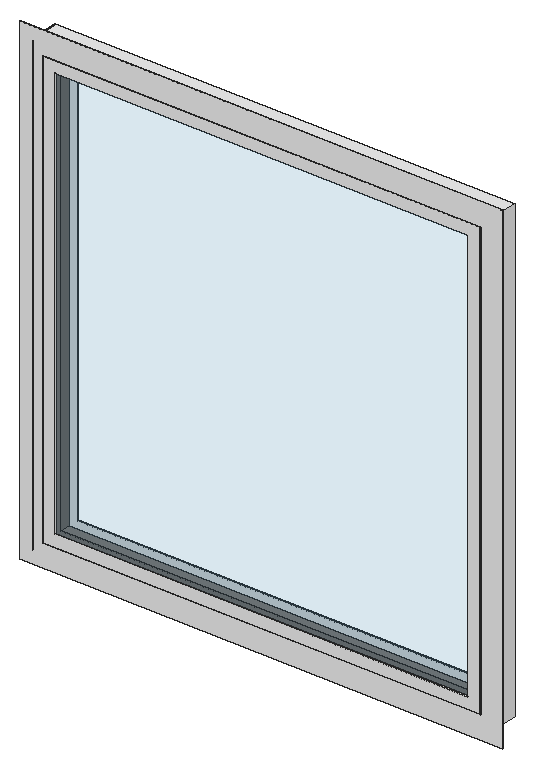
Revit family "Casement_30.5_E_Side_Hung_Standard", category Windows, host Wall, Revit 2014
Parameters (values of type "Casement_Sash_DG")
  Width Sash [instance] = 30 mm
  Width Sash Inner = 15 mm
  Width Bead = 15 mm
  Top Hung [instance] = yes
  Side Hung Right [instance] = yes
  Side Hung Left [instance] = yes
  Sash Opening Width [instance] = 600 mm
  Sash Opening Height [instance] = 600.312 mm
  Sash Lip = 15 mm
  Glazing Material [instance] = Glass
  DG Start Piece 2 [instance] = DG End Piece 1 + DG Gasket Thickness  # 25 mm
  DG Start Peice 1 [instance] = (Depth Sash - (2 * DG Glazing Thickness) - DG Gasket Thickness) / 2  # 6.6 mm
  Glazing Offset = 5 mm
  DG Glazing Thickness [instance] = 6.4 mm
  DG Gasket Thickness = 12 mm  # constant formula
  DG Gasket Material [instance] = Double Glazing Gasket Material
  DG End Piece 2 [instance] = DG Start Piece 2 + DG Glazing Thickness  # 31.4 mm
  DG End Piece 1 [instance] = DG Start Peice 1 + DG Glazing Thickness  # 13 mm
  Depth Sash [instance] = 38 mm
  Center Vertical Sash [instance] = Sash Opening Height / 2  # 300.156 mm
  Center Horizontal Sash [instance] = Sash Opening Width / 2  # 300 mm
  Bottom Hung [instance] = yes
  Bead Offset = 15 mm
  Aluminium Thickness = 1 mm
  Aluminium Material [instance] = White Powder Coated Aluminium
Reference planes
  plane 1 "Center (Front/Back)": y = 0
  plane 2: z = 0
  plane 3 "Center (Left/Right)": x = 0
Forms (mm)
  Sweep 1, solid, material "White Powder Coated Aluminium" <- "Aluminium Material"
    path origin (16.177, 0, 121.331) x (1, 0, 0) y (0, 0, 1)
      loop
        line (0, 0) -> (600, 0) -> (600, 600.312) -> (0, 600.312) -> (0, 0)
    profile origin (316.177, 0, 121.331) x (0, 0, 1) y (0, -1, 0)
      loop
        line (0, 0) -> (30, 0) -> (30, 1) -> (15, 1) -> (15, 38) -> (-15, 38) -> (-15, 37) -> (0, 37) -> (0, 0)
      loop
        line (14, 1) -> (14, 37) -> (1, 37) -> (1, 1) -> (14, 1)
  Sweep 2, solid, material "White Powder Coated Aluminium" <- "Aluminium Material"
    path origin (0, 0, 0) x (1, 0, 0) y (0, 0, 1)
      loop
        line (31.177, 706.643) -> (31.177, 136.331) -> (601.177, 136.331) -> (601.177, 706.643) -> (31.177, 706.643)
    profile origin (316.177, 0, 706.643) x (0, 0, 1) y (0, -1, 0)
      loop
        line (0, 37) -> (0, 38) -> (-15, 38) -> (-15, 37) -> (0, 37)
  Extrusion 3, solid, material "Glass" <- "Glazing Material"
    sketch origin (0, 0, 0) x (1, 0, 0) y (0, 0, 1)
      loop
        line (36.177, 701.643) -> (36.177, 141.331) -> (596.177, 141.331) -> (596.177, 701.643) -> (36.177, 701.643)
    from 6.6 <- "DG Start Peice 1" to 13 <- "DG End Piece 1"
  Extrusion 4, solid, material "Glass" <- "Glazing Material"
    sketch origin (0, 0, 0) x (1, 0, 0) y (0, 0, 1)
      loop
        line (36.177, 701.643) -> (36.177, 141.331) -> (596.177, 141.331) -> (596.177, 701.643) -> (36.177, 701.643)
    from 31.4 <- "DG End Piece 2" to 25 <- "DG Start Piece 2"
  Sweep 5, solid, material "Double Glazing Gasket Material" <- "DG Gasket Material"
    path origin (0, -13, 0) x (1, 0, 0) y (0, 0, 1)
      loop
        line (36.177, 701.643) -> (36.177, 141.331) -> (596.177, 141.331) -> (596.177, 701.643) -> (36.177, 701.643)
    profile origin (316.177, -13, 701.643) x (0, 0, 1) y (0, -1, 0)
      loop
        line (0, 0) -> (0, 12) -> (-7.96, 12) -> (-7.96, 0) -> (0, 0)
Lines and regions (mm)
  model lines
    curve 1: line (1.177, -38, 736.643) -> (31.177, -38, 706.643)
    curve 2: line (601.177, -38, 706.643) -> (631.177, -38, 736.643)
    curve 3: line (601.177, -38, 136.331) -> (631.177, -38, 106.331)
    curve 4: line (1.177, -38, 106.331) -> (31.177, -38, 136.331)
    curve 5: line (631.177, -37, 736.643) -> (616.177, -37, 721.643)
    curve 6: line (1.177, -37, 736.643) -> (16.177, -37, 721.643)
    curve 7: line (1.177, -37, 106.331) -> (16.177, -37, 121.331)
    curve 8: line (631.177, -37, 106.331) -> (616.177, -37, 121.331)
    curve 9: line (616.177, 0, 121.331) -> (586.177, 0, 151.331)
    curve 10: line (46.177, 0, 151.331) -> (16.177, 0, 121.331)
    curve 11: line (616.177, 0, 721.643) -> (586.177, 0, 691.643)
    curve 12: line (46.177, 0, 691.643) -> (16.177, 0, 721.643)
    curve 13: line (31.177, -38, 691.643) -> (46.177, -38, 691.643)
    curve 14: line (586.177, -38, 691.643) -> (601.177, -38, 691.643)
    curve 15: line (586.177, -38, 151.331) -> (601.177, -38, 151.331)
    curve 16: line (31.177, -38, 151.331) -> (46.177, -38, 151.331)
  model lines, style "GenericModelHiddenLines", visible <- "Top Hung"
    curve 17: line (46.386, -31.4, 690.914) -> (316.177, -31.4, 151.331)
    curve 18: line (316.177, -31.4, 151.331) -> (586.177, -31.4, 691.331)
  model lines, style "GenericModelHiddenLines", visible <- "Bottom Hung"
    curve 19: line (46.177, -31.4, 151.331) -> (316.177, -31.4, 691.331)
    curve 20: line (316.177, -31.4, 691.331) -> (586.177, -31.4, 151.331)
  model lines, style "GenericModelHiddenLines", visible <- "Side Hung Left"
    curve 21: line (46.386, -31.4, 690.914) -> (585.24, -31.4, 421.487)
    curve 22: line (585.24, -31.4, 421.487) -> (46.177, -31.4, 151.331)
  model lines, style "GenericModelHiddenLines", visible <- "Side Hung Right"
    curve 23: line (586.177, -31.4, 691.331) -> (46.177, -31.4, 421.487)
    curve 24: line (46.177, -31.4, 421.487) -> (586.177, -31.4, 151.331)
Dimensions and locks
  "Aluminium Thickness": Sweep 1 sketch curve to Sweep 1 sketch curve  (x4)
  "Depth Sash": Sweep 1 sketch curve to Sweep 1 sketch curve
  "Sash Opening Width": Sweep 1 to Sweep 1
  "Sash Opening Height": Sweep 1 to Sweep 1
  "Width Sash": Sweep 1 sketch curve to Sweep 1 sketch curve  (x2)
  "Width Sash Inner": Sweep 1 sketch curve to Sweep 1 sketch curve
  "Sash Lip": Sweep 1 sketch curve to Sweep 1 sketch curve
  "Aluminium Thickness": Sweep 1 to Sweep 2 sketch curve
  "Glazing Offset": Sweep 2 to Extrusion 3 sketch curve  (x3)
  "Glazing Offset": Extrusion 3 sketch curve to Sweep 2
  Sweep 1 to Sweep 1 = 1 mm
  "Aluminium Thickness": Sweep 2 sketch curve to Sweep 2 sketch curve
  "Width Bead": Sweep 2 sketch curve to Sweep 2 sketch curve
  locked: Sweep 5 sketch curve to Sweep 5 sketch curve at 7.96
  "Center Horizontal Sash": Sweep 1 to curve 18
  "Center Horizontal Sash": Sweep 1 to curve 20
  "Center Vertical Sash": Sweep 1 to curve 22
  "Center Vertical Sash": Sweep 1 to curve 24
  aligned and locked: level to plane 2
  aligned and locked: Sweep 1 sketch curve to Sweep 1 sketch curve  (x2)
  aligned and locked: Sweep 2 sketch curve to Sweep 1  (x5)
  aligned and locked: Extrusion 4 sketch curve to Extrusion 3  (x4)
  aligned and locked: Sweep 5 sketch curve to Extrusion 3  (x5)
  aligned and locked: Extrusion 3 to Sweep 5 sketch curve
Automatic sketch dimensions
  plane 3 "Center (Left/Right)" to Sweep 1 sketch curve = 16.177 mm
  level to Sweep 1 sketch curve = 121.331 mm
  plane 3 "Center (Left/Right)" to Sweep 1 sketch curve = 616.177 mm
  level to Sweep 1 sketch curve = 721.643 mm
  profile plane to Sweep 5 sketch curve = 12 mm
  curve 7 to Sweep 1 = 0 mm  (x4)
  curve 6 to Sweep 1 = 0 mm  (x3)
  Sweep 1 to curve 6 = 0 mm
  curve 5 to Sweep 1 = 0 mm  (x3)
  curve 8 to Sweep 1 = 0 mm  (x4)
  Sweep 1 to curve 5 = 0 mm
  curve 16 to Sweep 2 = 0 mm  (x3)
  curve 13 to Sweep 2 = 0 mm  (x3)
  curve 15 to Sweep 2 = 0 mm
  Sweep 2 to curve 15 = 0 mm  (x2)
  curve 14 to Sweep 2 = 0 mm  (x2)
  Sweep 2 to curve 14 = 0 mm
  curve 1 to Sweep 1 = 0 mm  (x4)
  curve 4 to Sweep 1 = 0 mm  (x3)
  Sweep 1 to curve 4 = 0 mm
  curve 3 to Sweep 1 = 0 mm  (x3)
  curve 2 to Sweep 1 = 0 mm  (x4)
  Sweep 1 to curve 3 = 0 mm
  curve 10 to Sweep 1 = 0 mm  (x4)
  curve 12 to Sweep 1 = 0 mm  (x3)
  Sweep 1 to curve 12 = 0 mm
  curve 9 to Sweep 1 = 0 mm  (x4)
  curve 11 to Sweep 1 = 0 mm  (x3)
  Sweep 1 to curve 11 = 0 mm
  Sweep 1 sketch curve to plane 1 "Center (Front/Back)" = 0 mm
  profile plane to Sweep 1 sketch curve = 0 mm
  curve 21 to Extrusion 4 = 10.208 mm
  curve 19 to Extrusion 4 = 10 mm
  curve 23 to Extrusion 4 = 10 mm  (x2)
  curve 22 to Extrusion 4 = 10.937 mm
  curve 20 to Extrusion 4 = 10 mm
  curve 24 to Extrusion 4 = 10 mm
  curve 22 to Extrusion 4 = 10 mm
  curve 18 to Extrusion 4 = 10 mm
  curve 21 to Extrusion 4 = 10.729 mm
  curve 19 to Extrusion 4 = 10.312 mm
  curve 18 to Extrusion 4 = 10.312 mm
Types in the file's own list only (17): name | Windload Design | Width Sash Opening | Width Sash | Width Profile | Width Fixed Pane RHS | Width Fixed Pane Bottom LHS | Width Panel 1 | Width | URL | Offset Window Exterior | Max System DG Unit Thickness | Max System DG One Piece Thickness | Max Pane Area | Limit Fixed Pane Width Min | Limit Fixed Pane Width Max | Limit Fixed Pane Height Min | Limit Fixed Pane Height Max | Intruderprufe U Value | Intruderprufe SHGC Value | Intruderprufe LowE U Value | Intruderprufe LowE SHGC Value | Height | Energy Advantage U Value | Energy Advantage SHGC Value | DG Thickness Calc | DG Thickness | Custom Window Width | Custom Window Height | Window Exterior Offset | Custom Windload | Custom Sash Width | Custom Sash Height | Sash Spacing Inner | Sash Overlap | Sash Center Offset | SG Gasket Thickness | Offset Sash Left | Offset Sash Top | Offset Panel 4 Left | Offset Panel 3 Bead Top | Offset Mullion Left | Offset Transom Top | Offset Bead SG Center Reversed | Model | Manufacturer | Limit Window Width Min | Limit Window Width Max | Limit Window Height Min | Limit Window Height Max | Limit Sash Width Min | Limit Sash Width Max | Limit Sash Height Min | Limit Sash Height Max | Length Transom | Length Mullion | Height Sash Opening | Height Sash | Height Fixed Pane RHS | Height Fixed Pane Bottom LHS | Height Panel 1 | Double Glazing | Description | Depth Mullion | Frame Center Offset | Depth Bead | Default Sill Height | Wall Closure | DG Gasket Finish | DG Extrusion Start | Mullion Depth Windload Based | Clearvue U Value | Clearvue SHGC Value | Casement Dimension | Bead SG Gap | Area Pane Right | Area Pane Left Top | Area Pane Left Bottom
  305-0915S-1000Pa | 1000 mm | 554 mm | 524 mm | 30 mm | 260 mm | 540 mm | 540 mm | 890 mm | "http://www.crealco.co.za/crealco-products.php" | 15 mm | 18 mm | 3 mm | 0.52 m² | 200 mm | 1500 mm | 200 mm | 1800 mm | 6.53 | 0.598 | 5.11 | 0.532 | 1490 mm | 5.23 | 0.563 | 3 mm | 3 mm | 890 mm | 1490 mm | 0 mm | 1000 mm | 554 mm | 1154 mm | 8 mm | 7 mm | 12 mm | 6 mm | 23 mm | 23 mm | 600 mm | 1200 mm | 570 mm | 1170 mm | 15 mm | "Casement 30.5" | "Crealco" | 830 mm | 2130 mm | 1430 mm | 1860 mm | 300 mm | 600 mm | 300 mm | 1200 mm | 540 mm | 1490 mm | 1154 mm | 1124 mm | 1430 mm | 260 mm | 1139 mm | No | "Window 30.5mm, Type E side hung" | 54 mm | 15 mm | 17 mm | 800 mm | By host | Double Glazing Gasket Material | 5 mm | 54 mm | 6.69 | 0.627 | 31 mm | 13 mm | 0.36 m² | 0.52 m² | 0.13 m²
  305-1215S-1000Pa | 1000 mm | 554 mm | 524 mm | 30 mm | 560 mm | 540 mm | 540 mm | 1190 mm | "http://www.crealco.co.za/crealco-products.php" | 15 mm | 18 mm | 3 mm | 0.78 m² | 200 mm | 1500 mm | 200 mm | 1800 mm | 6.69 | 0.675 | 5.04 | 0.599 | 1490 mm | 5.15 | 0.635 | 3 mm | 3 mm | 1190 mm | 1490 mm | 0 mm | 1000 mm | 554 mm | 1154 mm | 8 mm | 7 mm | 12 mm | 6 mm | 23 mm | 23 mm | 600 mm | 1200 mm | 570 mm | 1170 mm | 15 mm | "Casement 30.5" | "Crealco" | 830 mm | 2130 mm | 1430 mm | 1860 mm | 300 mm | 600 mm | 300 mm | 1200 mm | 540 mm | 1490 mm | 1154 mm | 1124 mm | 1430 mm | 260 mm | 1139 mm | No | "Window 30.5mm, Type E side hung" | 54 mm | 15 mm | 17 mm | 800 mm | By host | Double Glazing Gasket Material | 5 mm | 54 mm | 6.85 | 0.71 | 31 mm | 13 mm | 0.78 m² | 0.52 m² | 0.13 m²
  305-1215S-2000Pa | 2000 mm | 554 mm | 524 mm | 30 mm | 560 mm | 540 mm | 540 mm | 1190 mm | "http://www.crealco.co.za/crealco-products.php" | 15 mm | 18 mm | 3 mm | 0.78 m² | 200 mm | 1500 mm | 200 mm | 1800 mm | 6.76 | 0.677 | 5.12 | 0.6 | 1490 mm | 5.24 | 0.637 | 3 mm | 3 mm | 1190 mm | 1490 mm | 0 mm | 2000 mm | 554 mm | 1154 mm | 8 mm | 7 mm | 12 mm | 6 mm | 23 mm | 23 mm | 600 mm | 1200 mm | 570 mm | 1170 mm | 15 mm | "Casement 30.5" | "Crealco" | 830 mm | 2130 mm | 1430 mm | 1860 mm | 300 mm | 600 mm | 300 mm | 1200 mm | 540 mm | 1490 mm | 1154 mm | 1124 mm | 1430 mm | 260 mm | 1139 mm | No | "Window 30.5mm, Type E side hung" | 70 mm | 15 mm | 17 mm | 800 mm | By host | Double Glazing Gasket Material | 5 mm | 70 mm | 6.19 | 0.711 | 31 mm | 13 mm | 0.78 m² | 0.52 m² | 0.13 m²
  305-1515S-1000Pa | 1000 mm | 554 mm | 524 mm | 30 mm | 860 mm | 540 mm | 540 mm | 1490 mm | "http://www.crealco.co.za/crealco-products.php" | 15 mm | 18 mm | 3 mm | 1.21 m² | 200 mm | 1500 mm | 200 mm | 1800 mm | 6.79 | 0.725 | 4.99 | 0.641 | 1490 mm | 5.11 | 0.682 | 4 mm | 3 mm | 1490 mm | 1490 mm | 0 mm | 1000 mm | 554 mm | 1154 mm | 8 mm | 7 mm | 12 mm | 6 mm | 23 mm | 23 mm | 600 mm | 1200 mm | 570 mm | 1170 mm | 15 mm | "Casement 30.5" | "Crealco" | 830 mm | 2130 mm | 1430 mm | 1860 mm | 300 mm | 600 mm | 300 mm | 1200 mm | 540 mm | 1490 mm | 1154 mm | 1124 mm | 1430 mm | 260 mm | 1139 mm | No | "Window 30.5mm, Type E side hung" | 54 mm | 15 mm | 17 mm | 800 mm | By host | Double Glazing Gasket Material | 5 mm | 54 mm | 6.69 | 0.762 | 31 mm | 13 mm | 1.21 m² | 0.52 m² | 0.13 m²
  305-1515S-2000Pa | 2000 mm | 554 mm | 524 mm | 30 mm | 860 mm | 540 mm | 540 mm | 1490 mm | "http://www.crealco.co.za/crealco-products.php" | 15 mm | 18 mm | 3 mm | 1.21 m² | 200 mm | 1500 mm | 200 mm | 1800 mm | 6.85 | 0.726 | 5.06 | 0.642 | 1490 mm | 5.17 | 0.683 | 4 mm | 3 mm | 1490 mm | 1490 mm | 0 mm | 2000 mm | 554 mm | 1154 mm | 8 mm | 7 mm | 12 mm | 6 mm | 23 mm | 23 mm | 600 mm | 1200 mm | 570 mm | 1170 mm | 15 mm | "Casement 30.5" | "Crealco" | 830 mm | 2130 mm | 1430 mm | 1860 mm | 300 mm | 600 mm | 300 mm | 1200 mm | 540 mm | 1490 mm | 1154 mm | 1124 mm | 1430 mm | 260 mm | 1139 mm | No | "Window 30.5mm, Type E side hung" | 70 mm | 15 mm | 17 mm | 800 mm | By host | Double Glazing Gasket Material | 5 mm | 70 mm | 7 | 0.763 | 31 mm | 13 mm | 1.21 m² | 0.52 m² | 0.13 m²
  305-0918S-1000Pa | 1000 mm | 554 mm | 524 mm | 30 mm | 260 mm | 540 mm | 540 mm | 890 mm | "http://www.crealco.co.za/crealco-products.php" | 15 mm | 18 mm | 3 mm | 0.52 m² | 200 mm | 1500 mm | 200 mm | 1800 mm | 6.84 | 0.644 | 5.29 | 0.572 | 1790 mm | 5.45 | 0.605 | 3 mm | 3 mm | 890 mm | 1790 mm | 0 mm | 1000 mm | 554 mm | 1154 mm | 8 mm | 7 mm | 12 mm | 6 mm | 23 mm | 23 mm | 600 mm | 1200 mm | 570 mm | 1170 mm | 15 mm | "Casement 30.5" | "Crealco" | 830 mm | 2130 mm | 1430 mm | 1860 mm | 300 mm | 600 mm | 300 mm | 1200 mm | 540 mm | 1790 mm | 1154 mm | 1124 mm | 1730 mm | 560 mm | 1139 mm | No | "Window 30.5mm, Type E side hung" | 54 mm | 15 mm | 17 mm | 800 mm | By host | Double Glazing Gasket Material | 5 mm | 54 mm | 7 | 0.675 | 31 mm | 13 mm | 0.43 m² | 0.52 m² | 0.29 m²
  305-0918S-1500Pa | 1500 mm | 554 mm | 524 mm | 30 mm | 260 mm | 540 mm | 540 mm | 890 mm | "http://www.crealco.co.za/crealco-products.php" | 15 mm | 18 mm | 3 mm | 0.52 m² | 200 mm | 1500 mm | 200 mm | 1800 mm | 6.92 | 0.646 | 5.4 | 0.575 | 1790 mm | 5.52 | 0.607 | 3 mm | 3 mm | 890 mm | 1790 mm | 0 mm | 1500 mm | 554 mm | 1154 mm | 8 mm | 7 mm | 12 mm | 6 mm | 23 mm | 23 mm | 600 mm | 1200 mm | 570 mm | 1170 mm | 15 mm | "Casement 30.5" | "Crealco" | 830 mm | 2130 mm | 1430 mm | 1860 mm | 300 mm | 600 mm | 300 mm | 1200 mm | 540 mm | 1790 mm | 1154 mm | 1124 mm | 1730 mm | 560 mm | 1139 mm | No | "Window 30.5mm, Type E side hung" | 70 mm | 15 mm | 17 mm | 800 mm | By host | Double Glazing Gasket Material | 5 mm | 70 mm | 7.08 | 0.677 | 31 mm | 13 mm | 0.43 m² | 0.52 m² | 0.29 m²
  305-1218S-1000Pa | 1000 mm | 554 mm | 524 mm | 30 mm | 560 mm | 540 mm | 540 mm | 1190 mm | "http://www.crealco.co.za/crealco-products.php" | 15 mm | 18 mm | 3 mm | 0.95 m² | 200 mm | 1500 mm | 200 mm | 1800 mm | 7.21 | 0.745 | 5.37 | 0.66 | 1790 mm | 5.5 | 0.701 | 3 mm | 3 mm | 1190 mm | 1790 mm | 0 mm | 1000 mm | 554 mm | 1154 mm | 8 mm | 7 mm | 12 mm | 6 mm | 23 mm | 23 mm | 600 mm | 1200 mm | 570 mm | 1170 mm | 15 mm | "Casement 30.5" | "Crealco" | 830 mm | 2130 mm | 1430 mm | 1860 mm | 300 mm | 600 mm | 300 mm | 1200 mm | 540 mm | 1790 mm | 1154 mm | 1124 mm | 1730 mm | 560 mm | 1139 mm | No | "Window 30.5mm, Type E side hung" | 54 mm | 15 mm | 17 mm | 800 mm | By host | Double Glazing Gasket Material | 5 mm | 54 mm | 7.38 | 0.783 | 31 mm | 13 mm | 0.95 m² | 0.52 m² | 0.29 m²
  305-1218S-1500Pa | 1500 mm | 554 mm | 524 mm | 30 mm | 560 mm | 540 mm | 540 mm | 1190 mm | "http://www.crealco.co.za/crealco-products.php" | 15 mm | 18 mm | 3 mm | 0.95 m² | 200 mm | 1500 mm | 200 mm | 1800 mm | 7.28 | 0.747 | 5.46 | 0.662 | 1790 mm | 5.58 | 0.702 | 3 mm | 3 mm | 1190 mm | 1790 mm | 0 mm | 1500 mm | 554 mm | 1154 mm | 8 mm | 7 mm | 12 mm | 6 mm | 23 mm | 23 mm | 600 mm | 1200 mm | 570 mm | 1170 mm | 15 mm | "Casement 30.5" | "Crealco" | 830 mm | 2130 mm | 1430 mm | 1860 mm | 300 mm | 600 mm | 300 mm | 1200 mm | 540 mm | 1790 mm | 1154 mm | 1124 mm | 1730 mm | 560 mm | 1139 mm | No | "Window 30.5mm, Type E side hung" | 70 mm | 15 mm | 17 mm | 800 mm | By host | Double Glazing Gasket Material | 5 mm | 70 mm | 7.45 | 0.784 | 31 mm | 13 mm | 0.95 m² | 0.52 m² | 0.29 m²
  305-1518S-1000Pa | 1000 mm | 554 mm | 524 mm | 30 mm | 860 mm | 540 mm | 540 mm | 1490 mm | "http://www.crealco.co.za/crealco-products.php" | 15 mm | 18 mm | 3 mm | 1.46 m² | 200 mm | 1500 mm | 200 mm | 1800 mm | 7.51 | 0.814 | 5.5 | 0.719 | 1790 mm | 7.9 | 0 | 4 mm | 3 mm | 1490 mm | 1790 mm | 0 mm | 1000 mm | 554 mm | 1154 mm | 8 mm | 7 mm | 12 mm | 6 mm | 23 mm | 23 mm | 600 mm | 1200 mm | 570 mm | 1170 mm | 15 mm | "Casement 30.5" | "Crealco" | 830 mm | 2130 mm | 1430 mm | 1860 mm | 300 mm | 600 mm | 300 mm | 1200 mm | 540 mm | 1790 mm | 1154 mm | 1124 mm | 1730 mm | 560 mm | 1139 mm | No | "Window 30.5mm, Type E side hung" | 70 mm | 15 mm | 17 mm | 800 mm | By host | Double Glazing Gasket Material | 5 mm | 70 mm | 7.9 | 0 | 31 mm | 13 mm | 1.46 m² | 0.52 m² | 0.29 m²
  305-0915S-1500Pa | 1500 mm | 554 mm | 524 mm | 30 mm | 260 mm | 540 mm | 540 mm | 890 mm | "http://www.crealco.co.za/crealco-products.php" | 15 mm | 18 mm | 3 mm | 0.52 m² | 200 mm | 1500 mm | 200 mm | 1800 mm | 6.53 | 0.598 | 5.11 | 0.532 | 1490 mm | 5.23 | 0.563 | 3 mm | 3 mm | 890 mm | 1490 mm | 0 mm | 1500 mm | 554 mm | 1154 mm | 8 mm | 7 mm | 12 mm | 6 mm | 23 mm | 23 mm | 600 mm | 1200 mm | 570 mm | 1170 mm | 15 mm | "Casement 30.5" | "Crealco" | 830 mm | 2130 mm | 1430 mm | 1860 mm | 300 mm | 600 mm | 300 mm | 1200 mm | 540 mm | 1490 mm | 1154 mm | 1124 mm | 1430 mm | 260 mm | 1139 mm | No | "Window 30.5mm, Type E side hung" | 54 mm | 15 mm | 17 mm | 800 mm | By host | Double Glazing Gasket Material | 5 mm | 54 mm | 6.69 | 0.627 | 31 mm | 13 mm | 0.36 m² | 0.52 m² | 0.13 m²
  305-0915S-2000Pa | 2000 mm | 554 mm | 524 mm | 30 mm | 260 mm | 540 mm | 540 mm | 890 mm | "http://www.crealco.co.za/crealco-products.php" | 15 mm | 18 mm | 3 mm | 0.52 m² | 200 mm | 1500 mm | 200 mm | 1800 mm | 6.53 | 0.598 | 5.11 | 0.532 | 1490 mm | 5.23 | 0.563 | 3 mm | 3 mm | 890 mm | 1490 mm | 0 mm | 2000 mm | 554 mm | 1154 mm | 8 mm | 7 mm | 12 mm | 6 mm | 23 mm | 23 mm | 600 mm | 1200 mm | 570 mm | 1170 mm | 15 mm | "Casement 30.5" | "Crealco" | 830 mm | 2130 mm | 1430 mm | 1860 mm | 300 mm | 600 mm | 300 mm | 1200 mm | 540 mm | 1490 mm | 1154 mm | 1124 mm | 1430 mm | 260 mm | 1139 mm | No | "Window 30.5mm, Type E side hung" | 54 mm | 15 mm | 17 mm | 800 mm | By host | Double Glazing Gasket Material | 5 mm | 54 mm | 6.69 | 0.627 | 31 mm | 13 mm | 0.36 m² | 0.52 m² | 0.13 m²
  305-0918S-2000Pa | 2000 mm | 554 mm | 524 mm | 30 mm | 260 mm | 540 mm | 540 mm | 890 mm | "http://www.crealco.co.za/crealco-products.php" | 15 mm | 18 mm | 3 mm | 0.52 m² | 200 mm | 1500 mm | 200 mm | 1800 mm | 6.92 | 0.646 | 5.4 | 0.575 | 1790 mm | 5.52 | 0.607 | 3 mm | 3 mm | 890 mm | 1790 mm | 0 mm | 2000 mm | 554 mm | 1154 mm | 8 mm | 7 mm | 12 mm | 6 mm | 23 mm | 23 mm | 600 mm | 1200 mm | 570 mm | 1170 mm | 15 mm | "Casement 30.5" | "Crealco" | 830 mm | 2130 mm | 1430 mm | 1860 mm | 300 mm | 600 mm | 300 mm | 1200 mm | 540 mm | 1790 mm | 1154 mm | 1124 mm | 1730 mm | 560 mm | 1139 mm | No | "Window 30.5mm, Type E side hung" | 70 mm | 15 mm | 17 mm | 800 mm | By host | Double Glazing Gasket Material | 5 mm | 70 mm | 7.08 | 0.677 | 31 mm | 13 mm | 0.43 m² | 0.52 m² | 0.29 m²
  305-1215S-1500Pa | 1500 mm | 554 mm | 524 mm | 30 mm | 560 mm | 540 mm | 540 mm | 1190 mm | "http://www.crealco.co.za/crealco-products.php" | 15 mm | 18 mm | 3 mm | 0.78 m² | 200 mm | 1500 mm | 200 mm | 1800 mm | 6.69 | 0.675 | 5.04 | 0.599 | 1490 mm | 5.15 | 0.635 | 3 mm | 3 mm | 1190 mm | 1490 mm | 0 mm | 1500 mm | 554 mm | 1154 mm | 8 mm | 7 mm | 12 mm | 6 mm | 23 mm | 23 mm | 600 mm | 1200 mm | 570 mm | 1170 mm | 15 mm | "Casement 30.5" | "Crealco" | 830 mm | 2130 mm | 1430 mm | 1860 mm | 300 mm | 600 mm | 300 mm | 1200 mm | 540 mm | 1490 mm | 1154 mm | 1124 mm | 1430 mm | 260 mm | 1139 mm | No | "Window 30.5mm, Type E side hung" | 54 mm | 15 mm | 17 mm | 800 mm | By host | Double Glazing Gasket Material | 5 mm | 54 mm | 6.85 | 0.71 | 31 mm | 13 mm | 0.78 m² | 0.52 m² | 0.13 m²
  305-1218S-2000Pa | 2000 mm | 554 mm | 524 mm | 30 mm | 560 mm | 540 mm | 540 mm | 1190 mm | "http://www.crealco.co.za/crealco-products.php" | 15 mm | 18 mm | 3 mm | 0.95 m² | 200 mm | 1500 mm | 200 mm | 1800 mm | 7.28 | 0.747 | 5.46 | 0.662 | 1790 mm | 5.58 | 0.702 | 3 mm | 3 mm | 1190 mm | 1790 mm | 0 mm | 2000 mm | 554 mm | 1154 mm | 8 mm | 7 mm | 12 mm | 6 mm | 23 mm | 23 mm | 600 mm | 1200 mm | 570 mm | 1170 mm | 15 mm | "Casement 30.5" | "Crealco" | 830 mm | 2130 mm | 1430 mm | 1860 mm | 300 mm | 600 mm | 300 mm | 1200 mm | 540 mm | 1790 mm | 1154 mm | 1124 mm | 1730 mm | 560 mm | 1139 mm | No | "Window 30.5mm, Type E side hung" | 70 mm | 15 mm | 17 mm | 800 mm | By host | Double Glazing Gasket Material | 5 mm | 70 mm | 7.45 | 0.784 | 31 mm | 13 mm | 0.95 m² | 0.52 m² | 0.29 m²
  305-1515S-1500Pa | 1500 mm | 554 mm | 524 mm | 30 mm | 860 mm | 540 mm | 540 mm | 1490 mm | "http://www.crealco.co.za/crealco-products.php" | 15 mm | 18 mm | 3 mm | 1.21 m² | 200 mm | 1500 mm | 200 mm | 1800 mm | 6.79 | 0.725 | 4.99 | 0.641 | 1490 mm | 5.11 | 0.682 | 4 mm | 3 mm | 1490 mm | 1490 mm | 0 mm | 1500 mm | 554 mm | 1154 mm | 8 mm | 7 mm | 12 mm | 6 mm | 23 mm | 23 mm | 600 mm | 1200 mm | 570 mm | 1170 mm | 15 mm | "Casement 30.5" | "Crealco" | 830 mm | 2130 mm | 1430 mm | 1860 mm | 300 mm | 600 mm | 300 mm | 1200 mm | 540 mm | 1490 mm | 1154 mm | 1124 mm | 1430 mm | 260 mm | 1139 mm | No | "Window 30.5mm, Type E side hung" | 54 mm | 15 mm | 17 mm | 800 mm | By host | Double Glazing Gasket Material | 5 mm | 54 mm | 6.69 | 0.762 | 31 mm | 13 mm | 1.21 m² | 0.52 m² | 0.13 m²
  305-1518S-1500Pa | 1500 mm | 554 mm | 524 mm | 30 mm | 860 mm | 540 mm | 540 mm | 1490 mm | "http://www.crealco.co.za/crealco-products.php" | 15 mm | 18 mm | 3 mm | 1.46 m² | 200 mm | 1500 mm | 200 mm | 1800 mm | 7.51 | 0.814 | 5.5 | 0.719 | 1790 mm | 7.9 | 0 | 4 mm | 3 mm | 1490 mm | 1790 mm | 0 mm | 1500 mm | 554 mm | 1154 mm | 8 mm | 7 mm | 12 mm | 6 mm | 23 mm | 23 mm | 600 mm | 1200 mm | 570 mm | 1170 mm | 15 mm | "Casement 30.5" | "Crealco" | 830 mm | 2130 mm | 1430 mm | 1860 mm | 300 mm | 600 mm | 300 mm | 1200 mm | 540 mm | 1790 mm | 1154 mm | 1124 mm | 1730 mm | 560 mm | 1139 mm | No | "Window 30.5mm, Type E side hung" | 70 mm | 15 mm | 17 mm | 800 mm | By host | Double Glazing Gasket Material | 5 mm | 70 mm | 7.9 | 0 | 31 mm | 13 mm | 1.46 m² | 0.52 m² | 0.29 m²
